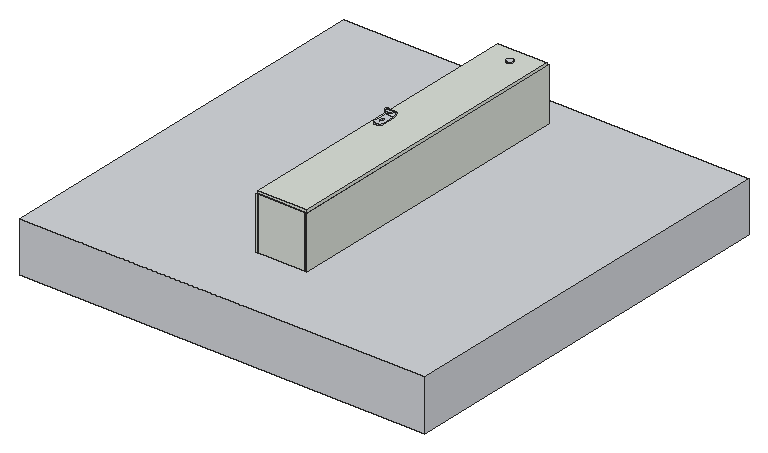
Revit family
Parameters (values of type "1 Tier Locker - 12.375"")
  Width = 12"
  Waste Connection = no
  WFU = 0
  Vent Connection = no
  URL = "www.spectrumlockers.com"
  Type Comments = ""
  Top/Bottom Panel Thickness = 1/2"
  Side Panel Thickness = 3/8"
  Shelf Thickness = 1/2"
  Price = "Prices may vary. Please consult Manufacturer Representative for most up-to-date price list."  # constant formula
  Phone Number = "416-250-5656"  # constant formula
  Omniclass Table 23 Title = "Lockers"  # constant formula
  Omniclass Table 23 Code = "23.40.20.11.17"  # constant formula
  Nominal Height = 58 1/4"
  Model = "1 Tier Locker - 12.375\""
  Material = Athlon-Spectrum-White-E0.00 CR
  Masterformat Title = "Phenolic Lockers"  # constant formula
  Masterformat Number = "10 51 29"  # constant formula
  Manufacturer = "Spectrum"
  Length = 12 3/8"
  Installation Type = "Wall Mounted"
  Height = 71 3/4"
  HWFU = 0
  HW Connection = no
  Description = "1 Tier Locker"
  Default Elevation = 0"
  Creation Date = "30/9/2014"  # constant formula
  Created By = "Allied Technical Services"  # constant formula
  CWFU = 0
  CW Connection = no
  Assembly Code = "E2020200"
  ATS URL = "http://www.atsspec.net"
Types (5): name | Model | Length
  (no name) | "1 Tier Locker - 12.375\"" | 12 3/8"
  1 Tier Locker - 12.375" | "1 Tier Locker - 12.375\"" | 12 3/8"
  1 Tier Locker - 15.375" | "1 Tier Locker - 15.375\"" | 15 3/8"
  1 Tier Locker - 20.375" | "1 Tier Locker - 20.375\"" | 20 3/8"
  1 Tier Locker - 24.375" | "1 Tier Locker - 24.375\"" | 24 3/8"
Reference planes (in)
  plane 1 "Center (Front/Back)": y = 0
  plane 2: z = 0
  plane 3 "Center (Left/Right)": x = 0
  plane 4: x = 5.625
  plane 5: x = 6
  plane 6: y = 71.75
  plane 7: y = 71.25
  plane 8: y = 0.5
  plane 9: x = -5.625
  plane 10: x = -6
  plane 11: z = 12.375
  plane 12: z = 12.875
  plane 13: z = 0.375
  plane 14: y = 58.75
  plane 15: y = 59.25
  plane 16: y = 59
  plane 17: y = 35.875
  plane 18: y = 33.37473
  plane 19: x = -5.42497
  plane 20: x = -3.42497
  plane 21: y = 67.75
  plane 22: z = 13
Forms (in)
  Extrusion 1, solid
    sketch origin (0, 0, 0) x (1, 0, 0) y (0, 1, 0)
      loop
        line (-48, 78.52725) -> (-48, -17.47275) -> (48, -17.47275) -> (48, 78.52725) -> (-48, 78.52725)
    from 0 to -12
  Extrusion 2, solid, material "Athlon-Spectrum-White-E0.00 CR" <- "Material"
    sketch origin (0, -59.25, 0) x (1, 0, 0) y (0, 0, 1)
      loop
        line (-5.625, 12.375) -> (-5.625, 0) -> (5.625, 0) -> (5.625, 12.375) -> (-5.625, 12.375)
    from -59.75 to -59.25
  Extrusion 3, solid, material "Athlon-Spectrum-White-E0.00 CR" <- "Material"
    sketch origin (0, 0, 0) x (0, 1, 0) y (0, 0, 1)
      loop
        line (71.75, 12.375) -> (0, 12.375) -> (0, 0) -> (71.75, 0) -> (71.75, 12.375)
    from -6 to -5.625
  Extrusion 4, solid, material "Athlon-Spectrum-White-E0.00 CR" <- "Material"
    sketch origin (0, 0, 0) x (0, 1, 0) y (0, 0, -1)
      loop
        line (71.75, -12.375) -> (71.75, 0) -> (0, 0) -> (0, -12.375) -> (71.75, -12.375)
    from -6 to -5.625
  Extrusion 5, solid, material "Athlon-Spectrum-White-E0.00 CR" <- "Material"
    sketch origin (0, 0, 0) x (1, 0, 0) y (0, 0, 1)
      loop
        line (-5.625, 0.375) -> (-5.625, 0) -> (5.625, 0) -> (5.625, 0.375) -> (-5.625, 0.375)
    from -71.25 to -0.5
  Extrusion 6, solid, material "Athlon-Spectrum-White-E0.00 CR" <- "Material"
    sketch origin (0, 0, 0) x (1, 0, 0) y (0, 0, 1)
      loop
        line (-5.625, 12.375) -> (-5.625, 0.375) -> (5.625, 0.375) -> (5.625, 12.375) -> (-5.625, 12.375)
    from -59.25 to -58.75
  Extrusion 7, solid, material "Athlon-Spectrum-White-E0.00 CR" <- "Material"
    sketch origin (0, 0, 0) x (1, 0, 0) y (0, 1, 0)
      loop
        line (-5.875, 0.25) -> (5.875, 0.25) -> (5.875, 71.5) -> (-5.875, 71.5) -> (-5.875, 0.25)
    from 12.375 to 12.875
  Extrusion 8, solid
    sketch origin (0, 7.86717, 56.86546) x (0, 1, 0) y (0, 0, 1)
      loop
        line (29.88255, -42.74046) -> (28.00742, -42.74046) -> (28.00742, -42.86546) -> (29.88255, -42.86546)
        arc (29.88255, -42.86546) -> (30.38255, -43.36546) -> (29.88255, -43.86546) r 0.5
        line (29.88255, -43.86546) -> (25.50755, -43.86546) -> (25.50755, -43.99046) -> (29.88255, -43.99046)
        arc (29.88255, -43.99046) -> (30.50755, -43.36546) -> (29.88255, -42.74046) r 0.625
    from -5.42497 to -3.42497
  Extrusion 9, void
    sketch origin (0, 56.46178, 118.68233) x (1, 0, 0) y (0, 1, 0)
      loop
        line (-5.42497, -18.76937) -> (-5.42497, -20.58678) -> (-3.42497, -20.58678) -> (-3.42497, -18.76937)
        arc (-3.42497, -18.76937) -> (-4.42497, -19.76937) -> (-5.42497, -18.76937) r 1
    from -105.68233 to -104.55733
  Extrusion 10, void
    sketch origin (0, 55.49319, 105.68635) x (1, 0, 0) y (0, 1, 0)
      loop
        line (-5.42497, -20.92902) -> (-5.42497, -22.11846) -> (-3.42497, -22.11846) -> (-3.42497, -20.92902)
        arc (-3.42497, -20.92902) -> (-4.42497, -21.92902) -> (-5.42497, -20.92902) r 1
      loop
        arc (-4.17497, -19.86832) -> (-4.42497, -19.61832) -> (-4.67497, -19.86832) r 0.25
        line (-4.67497, -19.86832) -> (-4.67497, -20.3416)
        arc (-4.67497, -20.3416) -> (-4.42497, -20.5916) -> (-4.17497, -20.3416) r 0.25
        line (-4.17497, -20.3416) -> (-4.17497, -19.86832)
    from -92.81135 to -91.56135
  Extrusion 11, solid, material "Athlon-Spectrum-White-E0.00 CR" <- "Material"
    sketch origin (0, 12.5, 0) x (1, 0, 0) y (0, 0, 1)
      loop
        line (-5.625, 12.375) -> (-5.625, 0.375) -> (5.625, 0.375) -> (5.625, 12.375) -> (-5.625, 12.375)
    from -59.25 to -58.75
  Extrusion 12, solid
    sketch origin (0, 0, 0) x (1, 0, 0) y (0, 1, 0)
      loop
        circle (0, 67.75) r 0.75
    from 12.875 to 13
Cuts and joins
  Extrusion 9, Extrusion 10 cuts Extrusion 8
  Extrusion 10 cuts Extrusion 7
Lines and regions (in)
  Masking region 1
    outline origin (0, 0, 0) x (1, 0, 0) y (0, 1, 0)
      loop
        line (-6, 71.75) -> (-6, 0) -> (6, 0) -> (6, 71.75) -> (-6, 71.75)
  Masking region 2
    outline origin (0, 0, 0) x (0, 1, 0) y (0, 0, 1)
      loop
        line (71.75, 0) -> (71.75, 12.375) -> (71.5, 12.375) -> (71.5, 12.875) -> (0.25, 12.875) -> (0.25, 12.375) -> (0, 12.375) -> (0, 0) -> (71.75, 0)
  Masking region 3
    outline origin (0, 0, 0) x (1, 0, 0) y (0, 0, 1)
      loop
        line (6, 12.375) -> (5.875, 12.375) -> (5.875, 12.875) -> (-5.875, 12.875) -> (-5.875, 12.375) -> (-6, 12.375) -> (-6, 0) -> (6, 0) -> (6, 12.375)
  symbolic lines, detail levels medium+fine
    curve 1: line (-5.875, 71.5, 0) -> (5.875, 71.5, 0)
    curve 2: line (-5.875, 0.25, 0) -> (-5.875, 71.5, 0)
    curve 3: line (5.875, 0.25, 0) -> (-5.875, 0.25, 0)
    curve 4: line (5.875, 71.5, 0) -> (5.875, 0.25, 0)
    curve 5: line (0, 71.5, 12.375) -> (0, 0.25, 12.375)
    curve 6: line (5.875, 0, 12.375) -> (-5.875, 0, 12.375)
    curve 7: line (5.625, 0, 12.375) -> (5.625, 0, 0)
    curve 8: line (-5.625, 0, 0) -> (-5.625, 0, 12.375)
    curve 9: circle (0, 67.75, 0) r 0.75 normal (0, 0, 1)
Dimensions and locks (in)
  "Side Panel Thickness": plane 13 to Extrusion 1
  locked: plane 12 to plane 11 at 0.5
  "Top/Bottom Panel Thickness": plane 6 to plane 7
  "Top/Bottom Panel Thickness": plane 8 to plane 1 "Center (Front/Back)"
  "Length": plane 11 to Extrusion 1
  "Shelf Thickness": plane 15 to plane 14
  "Side Panel Thickness": plane 10 to plane 9
  "Side Panel Thickness": plane 4 to plane 5
  "Width": plane 10 to plane 5
  equal spacing: plane 10, plane 3 "Center (Left/Right)", plane 5
  "Height": plane 6 to plane 1 "Center (Front/Back)"
  locked: plane 15 to plane 16 at 0.25
  "Nominal Height": plane 14 to plane 8
  locked: Extrusion 7 sketch curve to Extrusion 3 at 0.25
  locked: plane 8 to Extrusion 7 sketch curve at 0.25
  locked: Extrusion 4 to Extrusion 7 sketch curve at 0.25
  locked: Extrusion 5 to Extrusion 7 sketch curve at 0.25
  equal spacing: plane 6, plane 17, plane 1 "Center (Front/Back)"
  locked: Extrusion 8 sketch curve to Extrusion 8 sketch curve at 0.125
  locked: plane 17 to plane 18 at 2.50027
  locked: Extrusion 8 sketch curve to plane 17 at 2.37473
  locked: Extrusion 8 sketch curve to plane 12 at 1.25
  locked: plane 17 to Extrusion 10 sketch curve at 2.50027
  locked: plane 19 to plane 20 at 2
  locked: plane 10 to plane 20 at 2.57503
  locked: plane 6 to plane 21 at 4
  locked: plane 22 to plane 12 at 0.125
  aligned and locked: plane 2 to Extrusion 1
  aligned and locked: level to Extrusion 1
  aligned and locked: plane 8 to Extrusion 2
  aligned and locked: plane 1 "Center (Front/Back)" to Extrusion 2
  aligned and locked: Extrusion 3 to plane 10
  aligned and locked: plane 9 to Extrusion 3
  aligned and locked: Extrusion 4 to plane 4
  aligned and locked: Extrusion 4 to plane 5
  aligned and locked: plane 7 to Extrusion 5
  aligned and locked: Extrusion 5 to plane 8
  aligned and locked: plane 15 to Extrusion 6
  aligned and locked: Extrusion 6 to plane 14
  aligned and locked: plane 12 to Extrusion 7
  aligned and locked: Extrusion 7 to plane 11
  aligned and locked: plane 6 to Extrusion 3 sketch curve
  aligned and locked: plane 11 to Extrusion 3 sketch curve
  aligned and locked: Extrusion 3 sketch curve to level
  aligned and locked: plane 1 "Center (Front/Back)" to Extrusion 3 sketch curve
  aligned and locked: Extrusion 4 sketch curve to plane 6
  aligned and locked: Extrusion 4 sketch curve to plane 11
  aligned and locked: Extrusion 4 sketch curve to plane 1 "Center (Front/Back)"
  aligned and locked: level to Extrusion 4 sketch curve
  aligned and locked: plane 11 to Extrusion 2
  aligned and locked: plane 11 to Extrusion 6
  aligned and locked: plane 9 to Extrusion 2 sketch curve
  aligned and locked: level to Extrusion 2 sketch curve
  aligned and locked: plane 4 to Extrusion 2 sketch curve
  aligned and locked: plane 10 to Masking region 1 sketch curve
  aligned and locked: Masking region 1 sketch curve to plane 6
  aligned and locked: Masking region 1 sketch curve to Extrusion 4  (x2)
  aligned and locked: curve 1 to Extrusion 7  (x2)
  aligned and locked: Extrusion 7 to curve 4
  aligned and locked: curve 4 to Extrusion 7
  aligned and locked: plane 12 to Masking region 2 sketch curve
  aligned and locked: plane 11 to Masking region 2 sketch curve  (x2)
  aligned and locked: plane 1 "Center (Front/Back)" to Masking region 2 sketch curve
  aligned and locked: Masking region 2 sketch curve to level
  aligned and locked: plane 6 to Masking region 2 sketch curve
  aligned and locked: Masking region 2 sketch curve to Extrusion 7
  aligned and locked: plane 5 to Masking region 3 sketch curve
  aligned and locked: Masking region 3 sketch curve to Extrusion 3  (x2)
  aligned and locked: plane 11 to Masking region 3 sketch curve  (x2)
  aligned and locked: Masking region 3 sketch curve to Extrusion 7  (x2)
  aligned and locked: plane 12 to Masking region 3 sketch curve
  aligned and locked: curve 7 to Extrusion 4
  aligned and locked: curve 8 to Extrusion 3
  aligned and locked: Extrusion 7 to curve 5
  aligned and locked: Extrusion 8 sketch curve to plane 18
  aligned and locked: plane 17 to Extrusion 9 sketch curve
  aligned: Extrusion 8 to Extrusion 9
  aligned: plane 19 to cut or joined group of Extrusion 8, Extrusion 9, Extrusion 10
  aligned and locked: cut or joined group of Extrusion 8, Extrusion 9, Extrusion 10 to plane 20
  aligned and locked: plane 19 to cut or joined group of Extrusion 8, Extrusion 9, Extrusion 10
  aligned and locked: Extrusion 9 sketch curve to plane 19
  aligned and locked: Extrusion 9 sketch curve to plane 20
  aligned and locked: plane 19 to Extrusion 10 sketch curve
  aligned and locked: plane 20 to Extrusion 10 sketch curve
  aligned and locked: Extrusion 9 to cut or joined group of Extrusion 8, Extrusion 9, Extrusion 10  (x2)
  aligned and locked: Extrusion 10 to cut or joined group of Extrusion 8, Extrusion 9, Extrusion 10
  aligned and locked: Extrusion 10 to plane 12
  aligned and locked: plane 6 to Extrusion 11
  aligned and locked: Extrusion 11 to plane 7
  aligned and locked: plane 21 to Extrusion 12 sketch curve
  aligned and locked: plane 3 "Center (Left/Right)" to Extrusion 12 sketch curve
  aligned and locked: Extrusion 12 to plane 12
  aligned and locked: plane 22 to Extrusion 12
  aligned and locked: curve 9 to Extrusion 12
Automatic sketch dimensions
  curve 5 to plane 11 = 0"
  curve 5 to plane 1 "Center (Front/Back)" = 1/4"
  curve 6 to plane 11 = 0"
  curve 7 to level = 0"
  curve 8 to level = 0"
  plane 10 to curve 6 = 1/8"
  plane 5 to curve 6 = 1/8"
  Extrusion 1 sketch curve to Extrusion 1 sketch curve = 96"  (x2)
  Extrusion 2 sketch curve to plane 11 = 0"
  Extrusion 5 sketch curve to level = 0"
  Extrusion 5 sketch curve to plane 9 = 0"
  plane 4 to Extrusion 5 sketch curve = 0"
  Extrusion 5 sketch curve to plane 13 = 0"
  Extrusion 6 sketch curve to plane 9 = 0"
  plane 4 to Extrusion 6 sketch curve = 0"
  Extrusion 6 sketch curve to plane 13 = 0"
  Extrusion 6 sketch curve to plane 11 = 0"
  Masking region 2 sketch curve to plane 6 = 1/4"
  Extrusion 8 sketch curve to Extrusion 8 sketch curve = 0"  (x2)
  Extrusion 8 sketch curve to plane 12 = 0"
  Extrusion 8 sketch curve to plane 17 = 0.00041"
  Extrusion 9 sketch curve to plane 19 = 0"
  Extrusion 9 sketch curve to plane 20 = 0"
  plane 17 to Extrusion 9 sketch curve = 1.81741"
  Extrusion 9 sketch curve to Extrusion 9 sketch curve = 0"  (x2)
  Extrusion 10 sketch curve to plane 19 = 0"
  Extrusion 10 sketch curve to plane 20 = 0"
  Extrusion 10 sketch curve to Extrusion 10 sketch curve = 1/4"  (x2)
  Extrusion 10 sketch curve to Extrusion 10 sketch curve = 1.18944"
  Extrusion 10 sketch curve to Extrusion 10 sketch curve = 0"  (x2)
  Extrusion 10 sketch curve to Extrusion 10 sketch curve = 0.58742"
  Extrusion 10 sketch curve to plane 17 = 0.25014"
  Extrusion 11 sketch curve to plane 9 = 0"
  plane 4 to Extrusion 11 sketch curve = 0"
  Extrusion 11 sketch curve to plane 13 = 0"
  Extrusion 11 sketch curve to plane 11 = 0"
  radius of Extrusion 12 sketch curve = 3/4"
